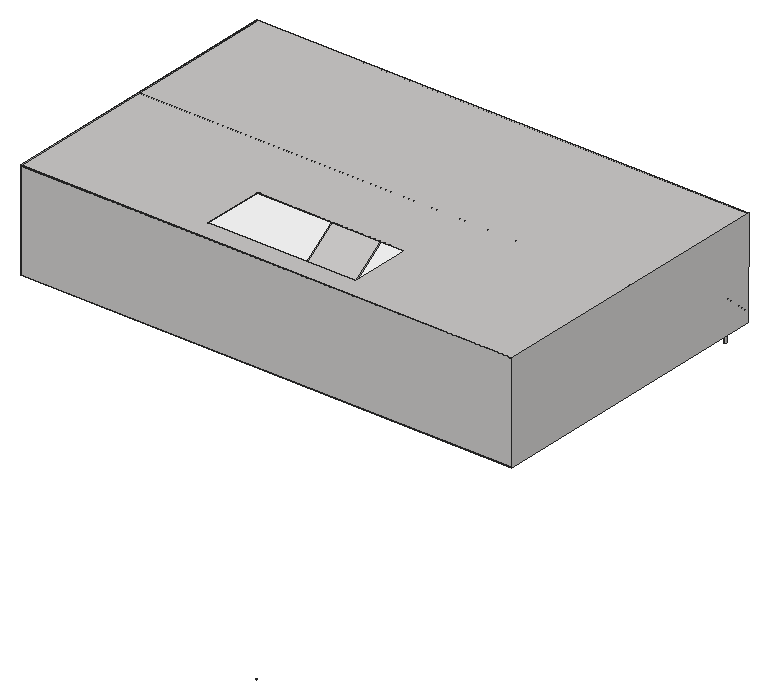
Revit family "QF_ELECTROLUXPROFESSIONAL_640190_EPF1220", category Attrezzature speciali, Revit 2021
Family settings
  Quota connettore circolare = Usa diametro
  Tipo di parte = Normale
  Basato su piano di lavoro = No
  Sempre verticale = Sì
  Taglio con vuoti quando caricato = No
  Condiviso = No
  Punto di calcolo locali = No
Parameters (values of type "Standard")
  Weight = 49.00 kg
  Watts = 0 W
  Volts = 0 V
  URL Manufacturer = "https://www.electroluxprofessional.com/"
  URL = "https://www.electroluxprofessional.com/"
  Steam Supply Size = 0 mm
  Steam Supply Minimum Pressure = 0.0 Pa
  Steam Supply Maximum Pressure = 0.0 Pa
  Steam Consumption per Hour = 0
  Refrigeration Suction Line Size = 0 mm
  Refrigeration Liquid Line Size = 0 mm
  Refrigerant Compressor Remote = yes
  Prospetto di default = 0 mm
  Produttore = "Electrolux Professional"
  Phase = 0
  Modello = "EPF1220"
  Length Actual = 2000 mm  # constant formula
  Item Number = "640190"
  Hot Water Size = 0 mm
  Height Actual = 400 mm  # constant formula
  HP = "0 HP"
  Gas Size = 0 mm
  Gas KW = 0
  Gas Input Pressure = 0 W
  Direct Waste Size = 0 mm
  Descrizione = "304 S/S WALL HOOD+FILTERS 200X120 CM"
  Depth Actual = 1200 mm  # constant formula
  Cycle = 0 Hz
  Condensate Return Size = 0 mm
  Compressed Air Volume = 0.0 L/s
  Compressed Air Size = 0 mm
  Compressed Air Pressure = 0.0 Pa
  Cold Water Size = 0 mm
  Accessory = yes
Reference planes
  plane 1: z = 0
  plane 2 "Center (Left/Right)": x = 150
  plane 3 "LEFT": x = -850
  plane 4 "RIGHT": x = 1150
  plane 5 "BACK": y = 550
  plane 6 "TOP": z = 2400
  plane 7 "Base": z = 2000
  plane 8: z = 1970
  plane 9 "DrainY": y = 450
  plane 10: x = -847
  plane 11: y = -320
  plane 12: y = -570
  plane 13 "DrainX": x = 1137
  plane 14 "AOLeft": x = -150
  plane 15 "AORight": x = 450
  plane 16: x = 1147
  plane 17: x = -650
  plane 18: x = 950
  plane 19 "Center (Front/Back)": y = -50
  plane 20 "Front": y = -650
  plane 21: through (0, -49.6, 2399.19) normal (0, -0.5736, 0.8192)
  plane 22: x = 50
  plane 23: x = 250
Forms (mm)
  Extrusion 1, solid, material "QF_Finishes_Stainless Steel"
    sketch origin (-850, 0, 360) x (0, 1, 0) y (0, 0, 1)
      loop
        line (550, 1640) -> (550, 2040) -> (-650, 2040) -> (-650, 1640) -> (550, 1640)
    from 0 to 3
  Extrusion 2, solid, material "QF_Finishes_Stainless Steel"
    sketch origin (1150, 0, 360) x (0, 1, 0) y (0, 0, 1)
      loop
        line (550, 1640) -> (550, 2040) -> (-650, 2040) -> (-650, 1640) -> (550, 1640)
    from 0 to -3
  Extrusion 3, solid, material "QF_Finishes_Stainless Steel"
    sketch origin (150, 0, 360) x (0, 1, 0) y (0, 0, 1)
      loop
        line (-650, 2040) -> (-650, 1640) -> (-640, 1640) -> (-640, 1640.8) -> (-649.2, 1640.8) -> (-649.2, 2039.19) -> (549.2, 2039.19) -> (549.2, 1640.8) -> (540, 1640.8) -> (540, 1640) -> (550, 1640) -> (550, 2040) -> (-650, 2040)
    from -1000 to 1000
  Extrusion 4, solid, material "QF_Finishes_Stainless Steel"
    sketch origin (0, 0, 2000) x (0, 1, 0) y (-1, 0, 0)
      loop
        circle (450, -1137) r 4.763
    from -30 to 0
  Extrusion 5, void
    sketch origin (0, 0, 2400) x (0, 1, 0) y (-1, 0, 0)
      loop
        line (-320, -450) -> (-320, 150) -> (-570, 150) -> (-570, -450) -> (-320, -450)
    from 0 to -10
  Extrusion 6, solid, material "QF_Finishes_Stainless Steel"
    sketch origin (0, 0, 0) x (1, 0, 0) y (0, 1, 0)
      loop
        line (-850, 550) -> (-850, 549) -> (-849, 549) -> (-849, 550) -> (-850, 550)
    from 0 to 1
  Extrusion 7, solid, material "QF_Finishes_Stainless Steel"
    sketch origin (150, 0, 360) x (0, 1, 0) y (0, 0, 1)
      loop
        line (-131.515, 1981.832) -> (-134.381, 1985.926) -> (-573.276, 1678.608) -> (-570.553, 1674.415) -> (-131.515, 1981.832)
    from -800 to -997
  Extrusion 8, solid, material "QF_Finishes_Stainless Steel"
    sketch origin (150, 0, 360) x (0, 1, 0) y (0, 0, 1)
      loop
        line (-650, 2039.19) -> (-650, 1640) -> (-619.702, 1640) -> (-570.553, 1674.415) -> (-578.723, 1686.995) -> (-579.394, 1686.559) -> (-571.645, 1674.627) -> (-619.955, 1640.8) -> (-649.2, 1640.8) -> (-649.2, 2039.19) -> (-650, 2039.19)
      loop
        line (-49.6, 2039.19) -> (-50.995, 2039.19) -> (-131.319, 1982.947) -> (-139.464, 1994.578) -> (-140.119, 1994.12) -> (-131.515, 1981.832) -> (-49.6, 2039.19)
    from -997 to 997
  Extrusion 9, solid, material "QF_Finishes_Stainless Steel"
    sketch origin (150, 0, 360) x (0, 1, 0) y (0, 0, 1)
      loop
        line (-131.515, 1981.832) -> (-134.381, 1985.926) -> (-573.276, 1678.608) -> (-570.553, 1674.415) -> (-131.515, 1981.832)
    from 997 to 800
  Extrusion 10, solid, material "QF_Finishes_Stainless Steel"
    sketch origin (150, 0, 360) x (0, 1, 0) y (0, 0, 1)
      loop
        line (-131.515, 1981.832) -> (-134.381, 1985.926) -> (-573.276, 1678.608) -> (-570.553, 1674.415) -> (-131.515, 1981.832)
    from -100 to 100
  Extrusion 11, solid, material "QF_Finished_Chrome"
    sketch origin (150, 0, 360) x (0, 1, 0) y (0, 0, 1)
      loop
        line (-131.515, 1981.832) -> (-134.381, 1985.926) -> (-573.276, 1678.608) -> (-570.553, 1674.415) -> (-131.515, 1981.832)
    from -800 to -100
  Extrusion 12, solid, material "QF_Finished_Chrome"
    sketch origin (150, 0, 360) x (0, 1, 0) y (0, 0, 1)
      loop
        line (-131.515, 1981.832) -> (-134.381, 1985.926) -> (-573.276, 1678.608) -> (-570.553, 1674.415) -> (-131.515, 1981.832)
    from 100 to 800
  Sweep 13, solid, material "QF_Finishes_Stainless Steel"
    path origin (0, 0, 0) x (1, 0, 0) y (0, 1, 0)
      loop
        line (1150, 550) -> (-850, 550) -> (-850, -650) -> (1150, -650) -> (1150, 550)
    profile origin (1150, -50, 0) x (1, 0, 0) y (0, 0, 1)
      loop
        line (-3, 2000) -> (-3, 2000.8) -> (-19, 2000.8) -> (-19, 2010) -> (-20, 2010) -> (-20, 2000) -> (-3, 2000)
  Extrusion 14, solid, material "QF_Finishes_Stainless Steel"
    sketch origin (150, 0, 0) x (0, 1, 0) y (0, 0, 1)
      loop
        line (549.2, 2040.8) -> (549.2, 2041.877) -> (289.521, 2275.693) -> (-43.438, 2399.19) -> (-45.739, 2399.19) -> (289.099, 2274.996) -> (549.2, 2040.8)
    from -997 to 997
Cuts and joins
  Extrusion 5 cuts Extrusion 3
  joined: Extrusion 2, Extrusion 3, Sweep 13
Lines and regions (mm)
  symbolic lines, style "SpecialityEquipment", detail levels coarse
    curve 1: line (1150, 550, 2400) -> (-850, 550, 2400)
    curve 2: line (-850, 550, 2400) -> (-850, -650.8, 2400)
    curve 3: line (1150, -650.8, 2400) -> (1150, 550, 2400)
    curve 4: line (-850, -650.8, 2400) -> (1150, -650.8, 2400)
    curve 5: line (450, -570, 2400) -> (-150, -570, 2400)
    curve 6: line (450, -320, 2400) -> (450, -570, 2400)
    curve 7: line (-150, -320, 2400) -> (450, -320, 2400)
    curve 8: line (-150, -570, 2400) -> (-150, -320, 2400)
    curve 9: line (-850, 550, 0) -> (1150, -650.8, 0)
    curve 10: line (1150, 550, 0) -> (-850, -650.8, 0)
Dimensions and locks
  plane 3 "LEFT" to plane 4 "RIGHT" = 2000 mm
  equal spacing: plane 3 "LEFT", plane 2 "Center (Left/Right)", plane 4 "RIGHT"
  plane 7 "Base" to plane 8 = 30 mm
  plane 5 "BACK" to plane 9 "DrainY" = 100 mm  (x2)
  plane 3 "LEFT" to plane 10 = 3 mm
  plane 13 "DrainX" to plane 4 "RIGHT" = 13 mm
  plane 16 to plane 4 "RIGHT" = 3 mm
  plane 3 "LEFT" to plane 17 = 200 mm
  plane 18 to plane 4 "RIGHT" = 200 mm
  locked: plane 14 "AOLeft" to plane 15 "AORight" at 600
  equal spacing: plane 14 "AOLeft", plane 2 "Center (Left/Right)", plane 15 "AORight"
  locked: plane 7 "Base" to level at 2000
  locked: plane 6 "TOP" to plane 7 "Base" at 400
  plane 5 "BACK" to plane 20 "Front" = 1200 mm  (x2)
  equal spacing: plane 5 "BACK", plane 19 "Center (Front/Back)", plane 20 "Front"
  locked: plane 22 to plane 23 at 200
  equal spacing: plane 22, plane 2 "Center (Left/Right)", plane 23
  plane 12 to plane 20 "Front" = 80 mm
  locked: plane 11 to plane 12 at 250
  aligned and locked: level to plane 1
  aligned and locked: plane 4 "RIGHT" to Extrusion 3
  aligned and locked: Extrusion 3 to plane 3 "LEFT"
  aligned and locked: Extrusion 5 to plane 14 "AOLeft"
  aligned and locked: Extrusion 5 to plane 12
  aligned and locked: Extrusion 5 to plane 11
  aligned and locked: Extrusion 7 to plane 10
  aligned and locked: Extrusion 7 to plane 17
  aligned and locked: Extrusion 2 to plane 16
  aligned and locked: Extrusion 5 to plane 15 "AORight"
  aligned and locked: plane 15 "AORight" to curve 6
  aligned and locked: plane 16 to Extrusion 9
  aligned and locked: plane 18 to Extrusion 9
  aligned and locked: plane 23 to Extrusion 10
  aligned and locked: Extrusion 10 to plane 22
  aligned and locked: plane 22 to Extrusion 11
  aligned and locked: Extrusion 11 to plane 17
  aligned and locked: Extrusion 12 to plane 23
  aligned and locked: Extrusion 12 to plane 18
  aligned and locked: Extrusion 14 to plane 10
  aligned and locked: plane 16 to Extrusion 14
  aligned and locked: Extrusion 8 to plane 10
  aligned and locked: plane 16 to Extrusion 8
Automatic sketch dimensions
  curve 4 to plane 4 "RIGHT" = 0 mm
  curve 2 to plane 3 "LEFT" = 0 mm
  curve 5 to plane 12 = 0 mm
  plane 11 to curve 7 = 0 mm
  curve 2 to plane 5 "BACK" = 0 mm
  curve 5 to plane 14 "AOLeft" = 0 mm
  curve 4 to plane 20 "Front" = 0.8 mm
  Extrusion 1 sketch curve to plane 7 "Base" = 0 mm
  Extrusion 1 sketch curve to plane 20 "Front" = 0 mm
  Extrusion 1 sketch curve to plane 5 "BACK" = 0 mm
  Extrusion 1 sketch curve to plane 6 "TOP" = 0 mm
  Extrusion 2 sketch curve to plane 7 "Base" = 0 mm
  Extrusion 2 sketch curve to plane 20 "Front" = 0 mm
  Extrusion 2 sketch curve to plane 5 "BACK" = 0 mm
  Extrusion 2 sketch curve to plane 6 "TOP" = 0 mm
  Extrusion 3 sketch curve to plane 6 "TOP" = 0 mm
  Extrusion 3 sketch curve to plane 20 "Front" = 0 mm
  Extrusion 3 sketch curve to plane 7 "Base" = 0 mm  (x2)
  Extrusion 3 sketch curve to plane 5 "BACK" = 0 mm
  plane 20 "Front" to Extrusion 3 sketch curve = 0.8 mm
  Extrusion 3 sketch curve to Extrusion 3 sketch curve = 9.2 mm
  plane 7 "Base" to Extrusion 3 sketch curve = 0.8 mm  (x2)
  Extrusion 3 sketch curve to plane 5 "BACK" = 10 mm
  Extrusion 3 sketch curve to plane 5 "BACK" = 0.8 mm
  Extrusion 3 sketch curve to plane 6 "TOP" = 0.81 mm
  Extrusion 4 sketch curve to plane 9 "DrainY" = 0 mm
  Extrusion 4 sketch curve to plane 13 "DrainX" = 0 mm
  Extrusion 5 sketch curve to plane 12 = 0 mm
  plane 11 to Extrusion 5 sketch curve = 0 mm
  Extrusion 5 sketch curve to plane 15 "AORight" = 0 mm
  Extrusion 5 sketch curve to plane 14 "AOLeft" = 0 mm
  Extrusion 6 sketch curve to plane 3 "LEFT" = 0 mm
  Extrusion 6 sketch curve to plane 5 "BACK" = 0 mm
  plane 3 "LEFT" to Extrusion 6 sketch curve = 1 mm
  Extrusion 6 sketch curve to Extrusion 6 sketch curve = 1 mm
  Extrusion 7 sketch curve to plane 21 = 0 mm  (x2)
  plane 20 "Front" to Extrusion 7 sketch curve = 76.724 mm
  plane 7 "Base" to Extrusion 7 sketch curve = 34.415 mm
  Extrusion 7 sketch curve to plane 6 "TOP" = 54.074 mm
  Extrusion 7 sketch curve to plane 19 "Center (Front/Back)" = 84.381 mm
  Extrusion 8 sketch curve to plane 20 "Front" = 0 mm
  Extrusion 8 sketch curve to plane 7 "Base" = 0 mm
  Extrusion 8 sketch curve to plane 21 = 0 mm  (x4)
  plane 20 "Front" to Extrusion 8 sketch curve = 0.8 mm
  Extrusion 8 sketch curve to Extrusion 8 sketch curve = 0.252 mm
  Extrusion 8 sketch curve to Extrusion 8 sketch curve = 40.561 mm
  plane 7 "Base" to Extrusion 8 sketch curve = 46.995 mm
  Extrusion 8 sketch curve to Extrusion 8 sketch curve = 0.671 mm
  plane 7 "Base" to Extrusion 8 sketch curve = 34.627 mm
  Extrusion 8 sketch curve to Extrusion 8 sketch curve = 7.749 mm
  Extrusion 8 sketch curve to plane 6 "TOP" = 45.88 mm
  Extrusion 8 sketch curve to plane 19 "Center (Front/Back)" = 90.119 mm
  Extrusion 8 sketch curve to plane 6 "TOP" = 45.422 mm
  Extrusion 8 sketch curve to plane 6 "TOP" = 57.053 mm
  Extrusion 8 sketch curve to plane 6 "TOP" = 0.81 mm  (x2)
  plane 7 "Base" to Extrusion 8 sketch curve = 0.8 mm
  Extrusion 9 sketch curve to plane 21 = 0 mm  (x2)
  plane 20 "Front" to Extrusion 9 sketch curve = 76.724 mm
  plane 7 "Base" to Extrusion 9 sketch curve = 34.415 mm
  Extrusion 9 sketch curve to plane 6 "TOP" = 54.074 mm
  Extrusion 9 sketch curve to plane 19 "Center (Front/Back)" = 84.381 mm
  Extrusion 10 sketch curve to plane 21 = 0 mm  (x2)
  plane 20 "Front" to Extrusion 10 sketch curve = 76.724 mm
  plane 7 "Base" to Extrusion 10 sketch curve = 34.415 mm
  Extrusion 10 sketch curve to plane 6 "TOP" = 54.074 mm
  Extrusion 10 sketch curve to plane 19 "Center (Front/Back)" = 84.381 mm
  Extrusion 11 sketch curve to plane 21 = 0 mm  (x2)
  plane 20 "Front" to Extrusion 11 sketch curve = 76.724 mm
  plane 7 "Base" to Extrusion 11 sketch curve = 34.415 mm
  Extrusion 11 sketch curve to plane 6 "TOP" = 54.074 mm
  Extrusion 11 sketch curve to plane 19 "Center (Front/Back)" = 84.381 mm
  Extrusion 12 sketch curve to plane 21 = 0 mm  (x2)
  plane 20 "Front" to Extrusion 12 sketch curve = 76.724 mm
  plane 7 "Base" to Extrusion 12 sketch curve = 34.415 mm
  Extrusion 12 sketch curve to plane 6 "TOP" = 54.074 mm
  Extrusion 12 sketch curve to plane 19 "Center (Front/Back)" = 84.381 mm
  Sweep 13 sketch curve to plane 3 "LEFT" = 0 mm
  Sweep 13 sketch curve to plane 4 "RIGHT" = 0 mm
  Sweep 13 sketch curve to plane 20 "Front" = 0 mm
  Sweep 13 sketch curve to plane 5 "BACK" = 0 mm
  profile plane to Sweep 13 sketch curve = 20 mm
  Sweep 13 sketch curve to Sweep 13 sketch curve = 1 mm
  profile plane to Sweep 13 sketch curve = 3 mm
  level to Sweep 13 sketch curve = 2000 mm
  Sweep 13 sketch curve to Sweep 13 sketch curve = 0.8 mm
  Sweep 13 sketch curve to Sweep 13 sketch curve = 9.2 mm
  Extrusion 14 sketch curve to plane 9 "DrainY" = 160.901 mm
  Extrusion 14 sketch curve to Extrusion 14 sketch curve = 0.422 mm
  Extrusion 14 sketch curve to plane 5 "BACK" = 0.8 mm
  plane 7 "Base" to Extrusion 14 sketch curve = 40.8 mm
  Extrusion 14 sketch curve to Extrusion 14 sketch curve = 1.077 mm
  Extrusion 14 sketch curve to plane 6 "TOP" = 125.004 mm
  Extrusion 14 sketch curve to Extrusion 14 sketch curve = 0.697 mm
  Extrusion 14 sketch curve to plane 6 "TOP" = 0.81 mm
  plane 19 "Center (Front/Back)" to Extrusion 14 sketch curve = 6.562 mm
  Extrusion 14 sketch curve to Extrusion 14 sketch curve = 2.3 mm
  Extrusion 14 sketch curve to Extrusion 14 sketch curve = 0 mm
  curve 10 to plane 3 "LEFT" = 0 mm
  curve 9 to plane 3 "LEFT" = 0 mm
  curve 10 to plane 4 "RIGHT" = 0 mm
  curve 9 to plane 4 "RIGHT" = 0 mm
  curve 10 to plane 5 "BACK" = 0 mm
  curve 9 to plane 5 "BACK" = 0 mm
  curve 10 to plane 20 "Front" = 0.8 mm
  curve 9 to plane 20 "Front" = 0.8 mm
  radius of Extrusion 4 sketch curve = 4.763 mm
Connectors
  piping at (1137, 450, 1970), diameter 9.5
    settings: on Extrusion 4, index 1, connector inside diameter 609.6 mm, connector length 0 mm, flow factor 0, pipe flow 0.0 L/s, pressure drop 0.0 Pa, fitting loss kfactor 0, connector angle 0.00°, fixture units 0, engagement length 0 mm, angle of deflection 0.00°, flow configuration 1, flow direction 2, fitting loss method 0, system type 16, joint type 0, gender type 0, connector reference index -1, connector utility 0, adjustable connector no, is connector primary yes, connector description "Drain"
  hvac at (150, -445, 2400)
    settings: on Extrusion 5, index 2, duct flow 0.0 L/s, flow factor 0, pres drop 0.0 Pa, loss coef 0, conn angle 0.00°, conn width 250 mm, conn height 600 mm, conn diameter 609.6 mm, duct sys type 3, conn prof type 1, flow config 1, flow direction 0, loss method 0, conn ref index -1, conn util no, is conn primary yes, conn desc "EXHAUST OUTLET"
